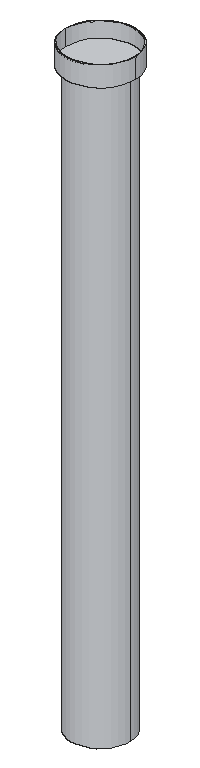
Revit family
Reference planes (in)
  plane 1 "Center (Front/Back)": y = 0
  plane 2: z = 0
  plane 3 "Center (Left/Right)": x = 0
Forms (in)
  Extrusion 1, solid
    sketch origin (0, 0, 0) x (1, 0, 0) y (0, 1, 0)
      loop
        circle (0.0136, -0.05644) r 7.02
    from -0.28534 to 3.69922
  Extrusion 2, solid
    sketch origin (0, 0, 0) x (1, 0, 0) y (0, 1, 0)
      loop
        circle (0, 0) r 6
    from 0 to -117.6
  Extrusion 3, void
    sketch origin (0, 0, 3.69922) x (0, 1, 0) y (1, 0, 0)
      loop
        circle (-0.05644, 0.0136) r 6.9
    from 0 to 3.10156
Cuts and joins
  Extrusion 3 cuts Extrusion 1
  Extrusion 3 cuts Extrusion 2
Dimensions and locks (in)
  aligned and locked: level to plane 2
Connectors (in)
  piping at (0, 0, -117.6)
    settings: on cut or joined group of Extrusion 2, Extrusion 3, index 2, connector radius 5 225/256", flow factor 0, pipe flow 0 GPM, pressure drop 0.00 psi, fitting loss kfactor 0, connector angle 0.00°, fixture units 0, flow configuration 0, flow direction 0, fitting loss method 0, system type 19, connector reference index -1, connector utility 0, adjustable connector no, is connector primary yes, fitting loss table "", connector description ""
  piping at (0.0136, -0.05644, 0.59766)
    settings: on cut or joined group of Extrusion 1, Extrusion 3, index 3, connector radius 6 115/128", flow factor 0, pipe flow 0 GPM, pressure drop 0.00 psi, fitting loss kfactor 0, connector angle 0.00°, fixture units 0, flow configuration 0, flow direction 0, fitting loss method 0, system type 19, connector reference index -1, connector utility 0, adjustable connector no, is connector primary no, fitting loss table "", connector description ""
